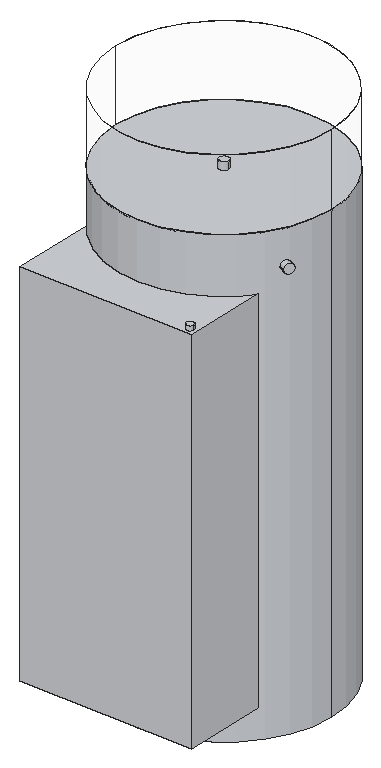
Revit family
Parameters (values of type "HS(Voltage)54 119 3 Phase")
  Wattage = KW * 1000 VA  # 54000 VA
  Water inlet length = Radius + 1"  # 15 3/4"
  VOLTAGE = 208 V
  Total Amps = KW * 1000 V / 1.73 / VOLTAGE  # 150.0667
  Top Clearance = 9 3/4"
  SES BIM Studio # = "201264902-42.2"
  URL = "http://www.lochinvar.com/products/Default.aspx?type=ProductLine&lineID=30"
  Panel Width = B_DIAMETER - 6"  # 23 1/2"
  Panel Depth = 13 7/8"
  Number of Poles = 3
  Model = "HS (X) 54 119"
  Manufacturer = "Lochinvar"
  MODEL NO. = "HS (Voltage) 54 119"
  KW = 54
  GALLON CAPACITY = "119"
  Cost = 0
  C_OVERALL DEPTH = 35"
  CONTINUOUS DELIVERY (GPH) = "221"
  B_DIAMETER = Radius * 2  # 29 1/2"
  A_HEIGHT = 62 1/4"
  Description = ""
  Fuel Type = ""
  Radius = 14 3/4"
  # OF ELEMENTS = "9"
Types (14): name | Wattage | Total Amps | SES BIM Studio # | Model | MODEL NO. | KW | GALLON CAPACITY | Cost | CONTINUOUS DELIVERY (GPH) | # OF ELEMENTS
  (no name) | 54000 VA | 150.0667 | "201264902-42.2" | "HS (X) 54 119" | "HS (Voltage) 54 119" | 54 | "119" | 0 | "221" | "9"
  HS(Voltage)18 119 3 Phase | 18000 VA | 50.0222 | "201264902-42.2" | "HS (X) 18 080" | "HS (Voltage) 18 119" | 18 | "119" | 0 | "74" | "3"
  HS(Voltage)06 119 3 Phase | 6000 VA | 16.6741 | "201264902-42.1" | "HS (X) 6 080" | "HS (Voltage) 6 080" | 6 | "80" | 0 | "25" | "3"
  HS(Voltage)09 119 3 Phase | 9000 VA | 25.0111 | "201264902-42.2" | "HS (X) 9 119" | "HS (Voltage) 9 119" | 9 | "119" | 2 | "37" | "3"
  HS(Voltage)12 119 3 Phase | 12000 VA | 33.3482 | "201264902-42.2" | "HS (X) 12 119" | "HS (Voltage) 12 119" | 12 | "119" | 0 | "49" | "3"
  HS(Voltage)13.5 119 3 Phase | 13500 VA | 37.5167 | "201264902-42.2" | "HS (X) 13.5 119" | "HS (Voltage) 13.5 119" | 13.5 | "119" | 0 | "55" | "3"
  HS(Voltage)15 119 3 Phase | 15000 VA | 41.6852 | "201264902-42.2" | "HS (X) 15 119" | "HS (Voltage) 15 119" | 15 | "119" | 0 | "61" | "3"
  HS(Voltage)24 119 3 Phase | 24000 VA | 66.6963 | "201264902-42.2" | "HS (X) 24 119" | "HS (Voltage) 24 119" | 24 | "119" | 0 | "98" | "6"
  HS(Voltage)27 119 3 Phase | 27000 VA | 75.0333 | "201264902-42.2" | "HS (X) 27 119" | "HS (Voltage) 27 119" | 27 | "119" | 0 | "111" | "6"
  HS(Voltage)30 119 3 Phase | 30000 VA | 83.3704 | "201264902-42.2" | "HS (X) 30 119" | "HS (Voltage) 30 119" | 30 | "119" | 0 | "123" | "6"
  HS(Voltage)36 119 3 Phase | 36000 VA | 100.0445 | "201264902-42.2" | "HS (X) 36 119" | "HS (Voltage) 36 119" | 36 | "119" | 0 | "148" | "6"
  HS(Voltage)40 119 3 Phase | 40000 VA | 111.1605 | "201264902-42.2" | "HS (X) 40 119" | "HS (Voltage) 40 119" | 40 | "119" | 0 | "166" | "9"
  HS(Voltage)45 119 3 Phase | 45000 VA | 125.0556 | "201264902-42.2" | "HS (X) 50 119" | "HS (Voltage) 50 119" | 45 | "119" | 0 | "194" | "9"
  HS(Voltage)54 119 3 Phase | 54000 VA | 150.0667 | "201264902-42.2" | "HS (X) 54 119" | "HS (Voltage) 54 119" | 54 | "119" | 0 | "221" | "9"
Reference planes (in)
  plane 1 "Center (Front/Back)": y = 6.125
  plane 2: z = 0
  plane 3 "Center (Left/Right)": x = -1.39218
  plane 4 "Top": z = 62.25
  plane 5 "Top Clearance": z = 72
  plane 6 "Panel right": x = 10.35782
  plane 7 "Panel left": x = -13.14218
  plane 8 "Panel Face": y = -14.125
  plane 9: y = 20.875
  plane 10 "Panel top": z = 54.75
  plane 11 "Panel bottom": z = 4
  plane 12 "Water inlet anchor": through (-1.39218, 6.125, 48) normal (-0.9063, 0.4226, 0)
  plane 13 "Water inlet end": through (12.88217, -0.53124, 48) normal (-0.9063, 0.4226, 0)
  plane 14: through (-1.39218, 6.125, 48) normal (-0.9063, -0.4226, 0)
  plane 15: through (-15.66653, -0.53124, 48) normal (-0.9063, -0.4226, 0)
  plane 16: z = 5.25
  plane 17 "Control Panel Face": y = -13.375
Forms (in)
  Extrusion 1, solid
    sketch origin (0, 0, 0) x (1, 0, 0) y (0, 1, 0)
      loop
        circle (-1.39218, 6.125) r 14.75
    from 0 to 62.25
  Extrusion 2, solid, material "Clearance"
    sketch origin (0, 0, 62.25) x (-1, 0, 0) y (0, -1, 0)
      loop
        circle (1.39218, -6.125) r 14.75
    from 0 to 9.75
  Extrusion 3, solid
    sketch origin (-1.39218, 0, 0) x (0, 1, 0) y (0, 0, 1)
      loop
        line (6.125, 4) -> (6.125, 54.75) -> (-14.125, 54.75) -> (-14.125, 4) -> (6.125, 4)
    from 11.75 to -11.75
  Extrusion 4, solid
    sketch origin (0, 0, 62.25) x (-1, 0, 0) y (0, -1, 0)
      loop
        circle (1.39218, -6.125) r 0.625
    from 0 to 1
  Extrusion 5, solid
    sketch origin (0, 0, 54.75) x (-1, 0, 0) y (0, -1, 0)
      loop
        circle (-9.35782, 13.125) r 0.5
    from 0 to 0.5
  Extrusion 6, solid
    sketch origin (-4.99757, -2.51609, -1.07813) x (-0.422618, -0.906308, 0) y (0, 0, 1)
      loop
        circle (-9.35519, 6.3358) r 0.625
    from 0.38429 to -11.49071
  Extrusion 7, solid
    sketch origin (-0.30555, -3.58256, -1.07813) x (0.422618, -0.906308, 0) y (0, 0, -1)
      loop
        circle (-9.25727, -6.3358) r 0.625
    from 3.11777 to -12.63223
  Extrusion 8, solid
    sketch origin (-4.99757, -2.51609, 44.92188) x (-0.422618, -0.906308, 0) y (0, 0, 1)
      loop
        circle (-9.35519, 12.8358) r 0.625
    from 0.38429 to -15.36571
Lines and regions (in)
  model lines, style "MechanicalEquipment"
    curve 1: line (-9.26718, -14.125, 51.75) -> (6.48282, -14.125, 51.75)
    curve 2: line (6.48282, -14.125, 51.75) -> (6.48282, -14.125, 48.75)
    curve 3: line (-9.26718, -14.125, 48.75) -> (6.48282, -14.125, 48.75)
    curve 4: line (-9.26718, -14.125, 51.75) -> (-9.26718, -14.125, 48.75)
Dimensions and locks (in)
  "A_HEIGHT": plane 4 "Top" to level
  "Top Clearance": plane 5 "Top Clearance" to plane 4 "Top"
  equal spacing: plane 7 "Panel left", plane 3 "Center (Left/Right)", plane 6 "Panel right"
  "Panel Width": plane 7 "Panel left" to plane 6 "Panel right"
  "Radius": plane 9 to Extrusion 3
  plane 8 "Panel Face" to plane 9 = 35"
  locked: plane 11 "Panel bottom" to plane 2 at 4
  "Water inlet length": plane 12 "Water inlet anchor" to plane 13 "Water inlet end"
  "Water inlet length": plane 14 to plane 15
  locked: plane 8 "Panel Face" to plane 17 "Control Panel Face" at 0.75
  plane 10 "Panel top" to level = 54 3/4"
  "Radius": radius of Extrusion 1 sketch curve
  "Radius": radius of Extrusion 2 sketch curve
  aligned and locked: plane 4 "Top" to Extrusion 1
  aligned and locked: plane 5 "Top Clearance" to Extrusion 2
  aligned and locked: plane 6 "Panel right" to Extrusion 3
  aligned and locked: Extrusion 3 to plane 7 "Panel left"
  aligned and locked: plane 8 "Panel Face" to Extrusion 3
  aligned and locked: Extrusion 3 to plane 1 "Center (Front/Back)"
  aligned and locked: plane 10 "Panel top" to Extrusion 3
  aligned and locked: Extrusion 3 to plane 11 "Panel bottom"
  aligned and locked: Extrusion 7 to plane 15
  aligned and locked: Extrusion 8 to plane 13 "Water inlet end"
Automatic sketch dimensions
  plane 1 "Center (Front/Back)" to Extrusion 1 sketch curve = 0"
  Extrusion 1 sketch curve to plane 3 "Center (Left/Right)" = 0"
  plane 1 "Center (Front/Back)" to Extrusion 2 sketch curve = 0"
  Extrusion 2 sketch curve to plane 3 "Center (Left/Right)" = 0"
  Extrusion 3 sketch curve to plane 8 "Panel Face" = 0"
  Extrusion 3 sketch curve to plane 1 "Center (Front/Back)" = 0"
  Extrusion 3 sketch curve to plane 11 "Panel bottom" = 0"
  Extrusion 3 sketch curve to plane 10 "Panel top" = 0"
  plane 1 "Center (Front/Back)" to Extrusion 4 sketch curve = 0"
  Extrusion 4 sketch curve to plane 3 "Center (Left/Right)" = 0"
  Extrusion 5 sketch curve to plane 17 "Control Panel Face" = 1/4"
  Extrusion 5 sketch curve to plane 6 "Panel right" = 1"
  plane 16 to Extrusion 6 sketch curve = 0.00768"
  Extrusion 7 sketch curve to plane 16 = 0.00768"
  plane 7 "Panel left" to curve 4 = 3 7/8"
  curve 3 to plane 6 "Panel right" = 3 7/8"
  curve 3 to plane 10 "Panel top" = 6"
  curve 2 to plane 10 "Panel top" = 3"
  Extrusion 8 sketch curve to plane 4 "Top" = 4.49232"
  radius of Extrusion 4 sketch curve = 5/8"
  radius of Extrusion 5 sketch curve = 1/2"
  radius of Extrusion 6 sketch curve = 5/8"
  radius of Extrusion 7 sketch curve = 5/8"
  radius of Extrusion 8 sketch curve = 5/8"
Connectors (in)
  piping at (-1.39218, 6.125, 63.25)
    settings: on Extrusion 4, index 1, connector radius 5/8", flow factor 0, pipe flow 0 GPM, pressure drop 0.00 psi, fitting loss kfactor 0, connector angle 0.00°, fixture units 0, flow configuration 0, flow direction 0, fitting loss method 0, system type 19, connector reference index -1, connector utility 0, adjustable connector no, is connector primary yes, fitting loss table "", connector description "Water Outlet"
  piping at (-15.66653, -0.53124, 5.25768)
    settings: on Extrusion 7, index 5, connector radius 3/8", flow factor 0, pipe flow 0 GPM, pressure drop 0.00 psi, fitting loss kfactor 0, connector angle 0.00°, fixture units 0, flow configuration 1, flow direction 2, fitting loss method 0, system type 16, connector reference index -1, connector utility 0, adjustable connector no, is connector primary no, fitting loss table "", connector description ""
  piping at (9.37023, 1.10641, 5.25768)
    settings: on Extrusion 6, index 6, connector radius 5/8", flow factor 0, pipe flow 0 GPM, pressure drop 0.00 psi, fitting loss kfactor 0, connector angle 0.00°, fixture units 0, flow configuration 0, flow direction 1, fitting loss method 0, system type 20, connector reference index -1, connector utility 0, adjustable connector no, is connector primary no, fitting loss table "", connector description "Water Inlet"
  electrical at (9.35782, -13.125, 55.25), driven by "Wattage", driven by "VOLTAGE", driven by "Number of Poles"
    settings: on Extrusion 5, index 7, voltage 208 V, apparent load 54000 VA, apparent load phase1 0 VA, apparent load phase2 0 VA, apparent load phase3 0 VA, power factor 1, load classification "Other", number of poles 3, system type 30, power factor state 1, is connector primary yes, connector utility no, sub classification motor no, connector description "Electrical"
